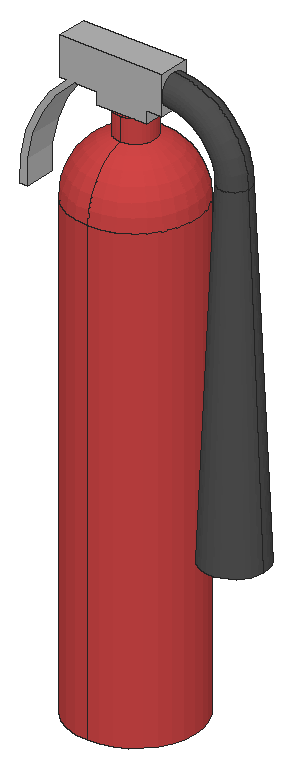
Revit family "Fire_Extinguisher", category Generic Models, host Wall, Revit 2026
Family settings
  Host = Wall
  Can host rebar = No
  Round Connector Dimension = Use Diameter
  Part Type = Normal
  Classification Number = 23.65.70.17.27
  Always vertical = Yes
  Cut with Voids When Loaded = No
  Maintain Annotation Orientation = No
  Shared = No
  Room Calculation Point = No
Parameters (values of type "80-BC")
  Warranty Duration (Years) = 1  # constant formula
  URL = "www.arcat.com"
  UL Rating = "80-B:C"
  Type Comments = ""
  Throat = 0' - 0 5/8"
  Test Data = ""
  Specification = "http://www.arcat.com/divs/sec/sec10520.shtml"
  Sales Information = ""
  Radius = 0' - 2"
  Product Properties = "http://www.arcat.com/bim/bim_info.pl?fn=Fire_Extinguisher"
  Product Data = "http://www.arcat.com/divs/sec/sec10520.shtml"
  Placement Height [instance] = 3' - 6"
  Model = "Generic"  # constant formula
  Manufacturer Website = ""
  Manufacturer Phone - Toll Free = ""
  Manufacturer Phone = "(203) 929-9444"  # constant formula
  Manufacturer Fax = "(203) 929-2444"  # constant formula
  Manufacturer Email = "bim@arcat.com"  # constant formula
  Manufacturer Address = "1077 Bridgeport Ave, Shelton, CT  06484"  # constant formula
  Manufacturer = "Generic"  # constant formula
  Maintenance Schedule (Months) = 12  # constant formula
  Keynote = "10520.A1"
  Installation-Fabrication = ""
  Installation Phase = ""
  Green Building-LEED = "http://www.arcat.com/green/green_building.shtml"
  Expected Lifespan (Years) = 10  # constant formula
  Drawn By = "Robert S. Weygant, CSI, CDT, SCIP"  # constant formula
  Discharge Agent = "Dry Chemical"
  Description = "80-B:C Fire Extinguisher - Dy Chemical"
  Default Elevation = 0' - 0"
  Copyright = "2008 ARCAT, Inc."  # constant formula
  Construction Details = "http://www.arcat.com/divs/sec/sec10520.shtml"
  Building Codes = ""
  BodyHeight = 0' - 0"
  Body = 1' - 6"
  Assembly Code = "D4030100"
Types (9): name | UL Rating | Description
  (no name) | "80-B:C" | "80-B:C Fire Extinguisher - Dy Chemical"
  10-A,80-BC | "10-A,80-B:C" | "10-A,80-B:C Fire Extinguisher - Dy Chemical"
  1-A,10BC | "1-A,10-B:C" | "1-A,10BC Fire Extinguisher - Dy Chemical"
  2A,10BC | "2-A,10-B:C" | "2-A,10-B:C Fire Extinguisher - Dy Chemical"
  3A,40BC | "3-A,40-B:C" | "3-A,40-B:C Fire Extinguisher - Dy Chemical"
  4A,60BC | "4-A,60-B:C" | "4-A,60-B:C Fire Extinguisher - Dy Chemical"
  10-BC | "10-B:C" | "10-B:C Fire Extinguisher - Dy Chemical"
  60-BC | "60-B:C" | "60-B:C Fire Extinguisher - Dy Chemical"
  80-BC | "80-B:C" | "80-B:C Fire Extinguisher - Dy Chemical"
Reference planes (in)
  plane 1: y = 0
  plane 2 "Center (Left/Right)": x = 0
  plane 3 "Wall Edge": y = 3
  plane 4 "Floor Height": z = 0
  plane 5 "Placement Height": z = 42
  plane 6: y = 8
  plane 7: z = 60
  plane 8: x = 0
  plane 9: y = 3
  plane 10: z = 42
  plane 11: y = 8
  plane 12: z = 60
Forms (in)
  Revolve 1, solid, material "Extinguisher Body"
    sketch origin (0, -5.5, 0) x (0, 1, 0) y (0, 0, 1)
      loop
        line (11, 42) -> (11, 60) -> (10.375, 60) -> (10.375, 59.25)
        arc (10.375, 59.25) -> (9.37981, 58.52277) -> (9, 57.35016) r 2
        line (9, 57.35016) -> (9, 42) -> (11, 42)
      axis (11, 42) -> (11, 60)
    angle from 0 to 360
  Extrusion 2, solid, material "Extinguisher Head"
    sketch origin (0, 6, 0) x (1, 0, 0) y (0, 0, 1)
      loop
        line (1.26397, 61.63395) -> (-2.12216, 61.63395) -> (-2.12216, 60.38395) -> (-1.87216, 60.38395)
        arc (-1.87216, 60.38395) -> (-3.10557, 58.76217) -> (-3.44501, 56.75312) r 4.26124
        line (-3.44501, 56.75312) -> (-3.19501, 56.75312)
        arc (-3.19501, 56.75312) -> (-2.85557, 58.76217) -> (-1.62216, 60.38395) r 4.26124
        line (-1.62216, 60.38395) -> (-0.87216, 60.38395) -> (-0.87216, 60) -> (0.76397, 60) -> (0.76397, 60.38395) -> (1.26397, 60.38395) -> (1.26397, 61.63395)
    from 0 to 1
  Sweep 3, solid, material "Hose"
    path origin (0, 3, 0) x (1, 0, 0) y (0, 0, 1)
      loop
        arc (3.29182, 58.88511) -> (2.71775, 60.36701) -> (1.26397, 61.00895) r 2.0764
    profile origin (2.71775, 3, 60.36701) x (-0.723261, 0, -0.690574) y (0, -1, 0)
      loop
        circle (0, -2.5) r 0.5
  Revolve 4, solid, material "Extinguisher Body", not visible
    sketch origin (0, -5.5, 0) x (0, 1, 0) y (0, 0, 1)
      loop
        line (11, 42) -> (11, 60) -> (10.375, 60) -> (10.375, 59.25)
        arc (10.375, 59.25) -> (9.37981, 58.52277) -> (9, 57.35016) r 2
        line (9, 57.35016) -> (9, 42) -> (11, 42)
      axis (11, 42) -> (11, 60)
    angle from 0 to 360
  Extrusion 5, solid, material "Extinguisher Head", not visible
    sketch origin (0, 6, 0) x (1, 0, 0) y (0, 0, 1)
      loop
        line (1.26397, 61.63395) -> (-2.12216, 61.63395) -> (-2.12216, 60.38395) -> (-1.87216, 60.38395)
        arc (-1.87216, 60.38395) -> (-3.10557, 58.76217) -> (-3.44501, 56.75312) r 4.26124
        line (-3.44501, 56.75312) -> (-3.19501, 56.75312)
        arc (-3.19501, 56.75312) -> (-2.85557, 58.76217) -> (-1.62216, 60.38395) r 4.26124
        line (-1.62216, 60.38395) -> (-0.87216, 60.38395) -> (-0.87216, 60) -> (0.76397, 60) -> (0.76397, 60.38395) -> (1.26397, 60.38395) -> (1.26397, 61.63395)
    from 0 to 1
  Sweep 6, solid, material "Hose", not visible
    path origin (0, 3, 0) x (1, 0, 0) y (0, 0, 1)
      loop
        line (3.29182, 48.38511) -> (3.29182, 58.88511)
        arc (3.29182, 58.88511) -> (2.71775, 60.36701) -> (1.26397, 61.00895) r 2.0764
    profile origin (2.71775, 3, 60.36701) x (-0.723261, 0, -0.690574) y (0, -1, 0)
      loop
        circle (0, -2.5) r 0.5
  Revolve 7, solid, material "Hose"
    sketch origin (0, 5.5, 0) x (1, 0, 0) y (0, 0, 1)
      loop
        line (3.29182, 47.63511) -> (3.29182, 58.89667) -> (2.79195, 58.89667) -> (2.29182, 47.63511) -> (3.29182, 47.63511)
      axis (3.29182, 58.89667) -> (3.29182, 47.63511)
    angle from 0 to 360
  Revolve 8, solid, material "Extinguisher Body", not visible
    sketch origin (0, -5.5, 0) x (0, 1, 0) y (0, 0, 1)
      loop
        line (11, 42) -> (11, 60) -> (10.375, 60) -> (10.375, 59.25)
        arc (10.375, 59.25) -> (9.37981, 58.52277) -> (9, 57.35016) r 2
        line (9, 57.35016) -> (9, 42) -> (11, 42)
      axis (11, 42) -> (11, 60)
    angle from 0 to 360
  Extrusion 9, solid, material "Extinguisher Head", not visible
    sketch origin (0, 6, 0) x (1, 0, 0) y (0, 0, 1)
      loop
        line (1.26397, 61.63395) -> (-2.12216, 61.63395) -> (-2.12216, 60.38395) -> (-1.87216, 60.38395)
        arc (-1.87216, 60.38395) -> (-3.10557, 58.76217) -> (-3.44501, 56.75312) r 4.26124
        line (-3.44501, 56.75312) -> (-3.19501, 56.75312)
        arc (-3.19501, 56.75312) -> (-2.85557, 58.76217) -> (-1.62216, 60.38395) r 4.26124
        line (-1.62216, 60.38395) -> (-0.87216, 60.38395) -> (-0.87216, 60) -> (0.76397, 60) -> (0.76397, 60.38395) -> (1.26397, 60.38395) -> (1.26397, 61.63395)
    from 0 to 1
  Sweep 10, solid, material "Hose", not visible
    path origin (0, 3, 0) x (1, 0, 0) y (0, 0, 1)
      loop
        arc (3.29182, 58.88511) -> (2.71775, 60.36701) -> (1.26397, 61.00895) r 2.0764
    profile origin (2.71775, 3, 60.36701) x (-0.723261, 0, -0.690574) y (0, -1, 0)
      loop
        circle (0, -2.5) r 0.5
  Revolve 11, solid, material "Hose", not visible
    sketch origin (0, 5.5, 0) x (1, 0, 0) y (0, 0, 1)
      loop
        line (3.29182, 47.63511) -> (3.29182, 58.89667) -> (2.79195, 58.89667) -> (2.29182, 47.63511) -> (3.29182, 47.63511)
      axis (3.29182, 58.89667) -> (3.29182, 47.63511)
    angle from 0 to 360
Text (in)
  text "Placement Side" at (0, 40.15149, 123.01588), in view "Right"
  text "Placement Side" at (-70.3804, 28.46503, 0), in view "Ref. Level"
  text "Placement Side" at (0, 81.62555, 140.59947), in view "Left"
Dimensions and locks (in)
  locked: plane 3 "Wall Edge" to host wall
  "Body": plane 5 "Placement Height" to plane 7
  Revolve 1 sketch curve to Revolve 1 sketch curve = 0' - 0 3/4"
  "Throat": Revolve 1 sketch curve to Revolve 1 sketch curve
  "Placement Height": plane 4 "Floor Height" to plane 5 "Placement Height"
  Revolve 4 sketch curve to Revolve 4 sketch curve = 0' - 0 3/4"
  "Throat": Revolve 4 sketch curve to Revolve 4 sketch curve
  Revolve 8 sketch curve to Revolve 8 sketch curve = 0' - 0 3/4"
  "Throat": Revolve 8 sketch curve to Revolve 8 sketch curve
  "Radius": radius of Revolve 1 sketch curve
  "Radius": radius of Revolve 4 sketch curve
  "Radius": radius of Revolve 8 sketch curve
  aligned and locked: Revolve 1 sketch curve to Revolve 1 sketch curve
  aligned and locked: plane 5 "Placement Height" to Revolve 1
  aligned and locked: plane 7 to Revolve 1
  aligned and locked: Revolve 4 sketch curve to Revolve 4 sketch curve
  aligned and locked: Revolve 8 sketch curve to Revolve 8 sketch curve
Automatic sketch dimensions
  Revolve 1 sketch curve to Revolve 1 sketch curve = 1' - 4.85951"
  Extrusion 2 sketch curve to Extrusion 2 sketch curve = 0' - 0 1/4"  (x4)
  Extrusion 2 sketch curve to Extrusion 2 sketch curve = 0' - 0 3/4"
  Extrusion 2 sketch curve to Extrusion 2 sketch curve = 0' - 0 1/2"
  Extrusion 2 sketch curve to Extrusion 2 sketch curve = 0' - 2.93168"
  Extrusion 2 sketch curve to Extrusion 2 sketch curve = 0' - 0"
  Extrusion 2 sketch curve to Extrusion 2 sketch curve = 0' - 0.38395"
  Extrusion 2 sketch curve to Extrusion 2 sketch curve = 0' - 1 1/4"
  Revolve 1 sketch curve to Revolve 1 sketch curve = 0' - 0"  (x2)
  Sweep 3 sketch curve to profile plane = 0' - 0"
  Revolve 1 sketch curve to Revolve 1 sketch curve = 0' - 0 5/8"
  Revolve 1 sketch curve to Revolve 1 sketch curve = 1' - 3.35016"
  Extrusion 2 sketch curve to Extrusion 2 sketch curve = 0' - 1.07286"
  Extrusion 2 sketch curve to Extrusion 2 sketch curve = 0' - 1.63612"
  Extrusion 2 sketch curve to Extrusion 2 sketch curve = 0' - 0.04059"
  Extrusion 2 sketch curve to Extrusion 2 sketch curve = 0' - 0.3152"
  Sweep 3 sketch curve to Sweep 3 sketch curve = 0' - 0.04799"  (x2)
  Sweep 3 sketch curve to profile plane = 0' - 2 1/2"
  Revolve 4 sketch curve to Revolve 4 sketch curve = 1' - 4.85951"
  Extrusion 5 sketch curve to Extrusion 5 sketch curve = 0' - 0 1/4"  (x4)
  Extrusion 5 sketch curve to Extrusion 5 sketch curve = 0' - 0 3/4"
  Extrusion 5 sketch curve to Extrusion 5 sketch curve = 0' - 0 1/2"
  Extrusion 5 sketch curve to Extrusion 5 sketch curve = 0' - 2.93168"
  Extrusion 5 sketch curve to Extrusion 5 sketch curve = 0' - 0"
  Extrusion 5 sketch curve to Extrusion 5 sketch curve = 0' - 0.38395"
  Extrusion 5 sketch curve to Extrusion 5 sketch curve = 0' - 1 1/4"
  Revolve 4 sketch curve to Revolve 4 sketch curve = 0' - 0"  (x2)
  Sweep 6 sketch curve to Sweep 6 sketch curve = 0' - 2.07585"
  Sweep 6 sketch curve to profile plane = 0' - 0"
  Revolve 4 sketch curve to Revolve 4 sketch curve = 0' - 0 5/8"
  Revolve 4 sketch curve to Revolve 4 sketch curve = 1' - 3.35016"
  Extrusion 5 sketch curve to Extrusion 5 sketch curve = 0' - 1.07286"
  Extrusion 5 sketch curve to Extrusion 5 sketch curve = 0' - 1.63612"
  Extrusion 5 sketch curve to Extrusion 5 sketch curve = 0' - 0.04059"
  Extrusion 5 sketch curve to Extrusion 5 sketch curve = 0' - 0.3152"
  Sweep 6 sketch curve to Sweep 6 sketch curve = 0' - 0.04799"  (x2)
  Sweep 6 sketch curve to Sweep 6 sketch curve = 0' - 10 1/2"
  Sweep 6 sketch curve to profile plane = 0' - 2 1/2"
  Sweep 3 sketch curve to Sweep 3 sketch curve = 0' - 2.07585"
  Revolve 7 sketch curve to Revolve 7 sketch curve = 0' - 1"
  Revolve 7 sketch curve to Revolve 7 sketch curve = 0' - 0.49987"
  Revolve 7 sketch curve to Revolve 7 sketch curve = 0' - 0"  (x3)
  Revolve 7 sketch curve to Revolve 7 sketch curve = 0' - 11.26156"
  Revolve 8 sketch curve to Revolve 8 sketch curve = 1' - 4.85951"
  Extrusion 9 sketch curve to Extrusion 9 sketch curve = 0' - 0 1/4"  (x4)
  Extrusion 9 sketch curve to Extrusion 9 sketch curve = 0' - 0 3/4"
  Extrusion 9 sketch curve to Extrusion 9 sketch curve = 0' - 0 1/2"
  Extrusion 9 sketch curve to Extrusion 9 sketch curve = 0' - 2.93168"
  Extrusion 9 sketch curve to Extrusion 9 sketch curve = 0' - 0"
  Extrusion 9 sketch curve to Extrusion 9 sketch curve = 0' - 0.38395"
  Extrusion 9 sketch curve to Extrusion 9 sketch curve = 0' - 1 1/4"
  Revolve 8 sketch curve to Revolve 8 sketch curve = 0' - 0"  (x2)
  Sweep 10 sketch curve to profile plane = 0' - 0"
  Revolve 8 sketch curve to Revolve 8 sketch curve = 0' - 0 5/8"
  Revolve 8 sketch curve to Revolve 8 sketch curve = 1' - 3.35016"
  Extrusion 9 sketch curve to Extrusion 9 sketch curve = 0' - 1.07286"
  Extrusion 9 sketch curve to Extrusion 9 sketch curve = 0' - 1.63612"
  Extrusion 9 sketch curve to Extrusion 9 sketch curve = 0' - 0.04059"
  Extrusion 9 sketch curve to Extrusion 9 sketch curve = 0' - 0.3152"
  Sweep 10 sketch curve to Sweep 10 sketch curve = 0' - 0.04799"  (x2)
  Sweep 10 sketch curve to profile plane = 0' - 2 1/2"
  Sweep 10 sketch curve to Sweep 10 sketch curve = 0' - 2.07585"
  Revolve 11 sketch curve to Revolve 11 sketch curve = 0' - 1"
  Revolve 11 sketch curve to Revolve 11 sketch curve = 0' - 0.49987"
  Revolve 11 sketch curve to Revolve 11 sketch curve = 0' - 0"  (x3)
  Revolve 11 sketch curve to Revolve 11 sketch curve = 0' - 11.26156"
  radius of Sweep 3 sketch curve = 0' - 0 1/2"
  radius of Sweep 6 sketch curve = 0' - 0 1/2"
  radius of Sweep 10 sketch curve = 0' - 0 1/2"
